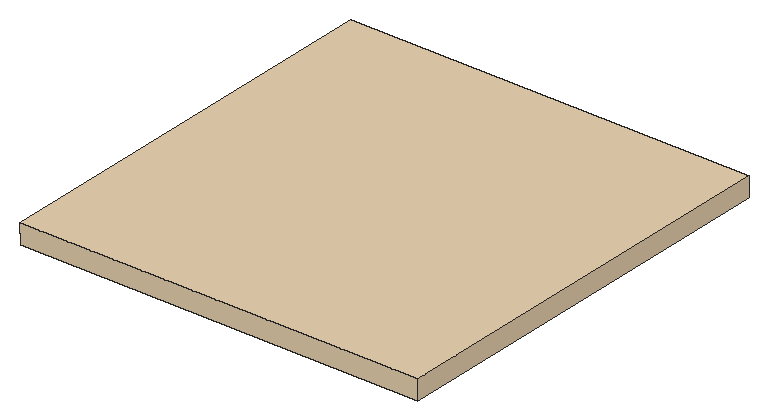
Revit family "Accessories-Teknion-RHACT_Countertop-R2018", category Furniture, Revit 2018
Family settings
  OmniClass Number = 23.40.20.00
  OmniClass Title = General Furniture and Specialties
  Work Plane-Based = No
  Always vertical = Yes
  Cut with Voids When Loaded = No
  Shared = Yes
  Room Calculation Point = No
Parameters (values of type "Standard Option, 35" Datum Height")
  Width [instance] = 24.000"
  Water Resistant = no
  Warranty = "http://www.teknion.com/ca/papers/legal-canada"
  Unit Weight URL = "http://www.teknion.com/ca/tools/assets#&asset=bee6a381-b954-425e-8283-5a2de3a804f2,f828d448-4b62-4231-9e5f-9a8991c0ed77"
  URL = "www.teknion.com"
  To render please download texture images found here = "https://assets.teknion.com/web/5e81352c1dfdb467/revit-material-swatches/"
  Sustainability Data = "https://www.teknion.com/ca/tools/assets#&topic=216f99a5-57a0-44fc-b10a-9dee9b29ae4c&asset=444deb64-fe58-4b68-981e-f75e97781df7,b4ff2d81-9f2e-437d-9659-7cffb09c31cf"
  Series = "Modular Cabinets"  # constant formula
  Product Page URL = "https://www.teknion.com/ca/products/product-details?productLineId=217e336e-8e7a-673b-a6c8-ff00004460c4"
  Product Line = "Modular Cabinets"  # constant formula
  Product Documentation Link = "https://www.teknion.com/pricing/modular-cabinets/pdfs/RHACT_ppg.pdf"
  Part Number = "RHACT"  # constant formula
  Model = "RHACTS_____"
  Manufacturer Phone = "416-661-3370"  # constant formula
  Manufacturer Fax = "416.661.4586"  # constant formula
  Manufacturer Contact Information = "http://www.teknion.com/ca/contactus"
  Manufacturer Address = "1150 Flint Road, Toronto, ON. M3J 2J5. Canada"  # constant formula
  Manufacturer = "Teknion"  # constant formula
  How To Use Teknion Materials User Guide = "https://assets.teknion.com/m/205dd0a49fa58060/original/How-to-add-a-Material-Library-and-Texture-Images-to-your-Revit-project.pdf"
  Height = 35.000"
  For Additional Finishes please visit = "https://assets.teknion.com/m/44a8009b046e5d47/original/Teknion_Materials_Library.zip"
  Description = "Countertop, Standard Option"
  Depth [instance] = 25.000"
  Counter Material Note = if(Water Resistant, "Select a Foundation Laminate material for Counter Finish", "Select a Foundation Laminate or Flintwood material for Counter Finish")  # "Select a Foundation Laminate or Flintwood material for Counter Finish"
  Counter Finish = Foundation Laminate - Teknion - HX - Costal Elm
  Available Widths [instance] = "12\" to 108\" in 1\" Increments"  # constant formula
  Available Depths [instance] = "25\" or 30\""  # constant formula
  Assembly Code = "E2020200"
Types (5): name | Water Resistant | Model | Height | Description | Depth | Counter Material Note
  (no name) | no | "RHACTS_____" | 35.000" | "Countertop, Standard Option" | 25.000" | "Select a Foundation Laminate or Flintwood material for Counter Finish"
  Standard Option, 35" Datum Height | no | "RHACTS_____" | 35.000" | "Countertop, Standard Option" | 25.000" | "Select a Foundation Laminate or Flintwood material for Counter Finish"
  Water Resistant Option, 35" Datum height | yes | "RHACTW_____" | 35.000" | "Countertop, Water Resistant Option" | 30.000" | "Select a Foundation Laminate material for Counter Finish"
  Standard Option, 33" Datum Height | no | "RHACTS_____" | 33.000" | "Countertop, Standard Option" | 25.000" | "Select a Foundation Laminate or Flintwood material for Counter Finish"
  Water Resistant Option, 33" Datum Height | yes | "RHACTW_____" | 33.000" | "Countertop, Water Resistant Option" | 25.000" | "Select a Foundation Laminate material for Counter Finish"
Reference planes (in)
  plane 1 "Center Front/Back": y = 2.5
  plane 2: z = 0
  plane 3 "Center Left/Right": x = 0
  plane 4 "Left": x = -12
  plane 5 "Right": x = 12
  plane 6 "Back": y = 15
  plane 7 "Front": y = -10
  plane 8 "Top": z = 35
Forms (in)
  Sweep 1, solid, material "Foundation Laminate - Teknion - HX - Costal Elm" <- "Counter Finish"
    path origin (0, 2.5, 0) x (1, 0, 0) y (0, 0, 1)
      loop
        line (0, 35) -> (0, 36.18898)
    profile origin (0, 2.5, 35.59449) x (-1, 0, 0) y (0, -1, 0)
      loop
        line (-12, -12.5) -> (12, -12.5) -> (12, 12.5) -> (-12, 12.5) -> (-12, -12.5)
Lines and regions (in)
  Masking region 1
    outline origin (0, 0, 0) x (1, 0, 0) y (0, 1, 0)
      loop
        line (-12, 15) -> (-12, -10) -> (12, -10) -> (12, 15) -> (-12, 15)
  reference lines
    curve 1: line (-12, 15, 0) -> (12, 15, 0)
    curve 2: line (-12, 15, 0) -> (-12, -10, 0)
    curve 3: line (-12, -10, 0) -> (12, -10, 0)
    curve 4: line (12, 15.24023, 0) -> (12, -10, 0)
Dimensions and locks (in)
  "Width": plane 4 "Left" to plane 5 "Right"
  "Depth": plane 6 "Back" to plane 7 "Front"
  "Height": plane 8 "Top" to level
  equal spacing: plane 4 "Left", plane 3 "Center Left/Right", plane 5 "Right"
  equal spacing: plane 6 "Back", plane 1 "Center Front/Back", plane 7 "Front"
  Sweep 1 sketch curve to plane 8 "Top" to Sweep 1 sketch curve = 1.18898" locked, 0.000" locked
  aligned and locked: level to plane 2
  aligned and locked: curve 1 to plane 6 "Back"
  aligned and locked: curve 2 to plane 4 "Left"
  aligned and locked: plane 7 "Front" to curve 3
  aligned and locked: curve 4 to plane 5 "Right"
  aligned and locked: plane 3 "Center Left/Right" to Sweep 1 sketch curve
  aligned and locked: plane 5 "Right" to Sweep 1 sketch curve
  aligned and locked: Sweep 1 sketch curve to plane 6 "Back"
  aligned and locked: plane 7 "Front" to Sweep 1 sketch curve
  aligned and locked: Sweep 1 sketch curve to plane 4 "Left"
  aligned and locked: Masking region 1 sketch curve to plane 6 "Back"
  aligned and locked: Masking region 1 sketch curve to plane 4 "Left"
  aligned and locked: plane 7 "Front" to Masking region 1 sketch curve
  aligned and locked: plane 5 "Right" to Masking region 1 sketch curve
Automatic sketch dimensions
  plane 6 "Back" to curve 4 = 0.24023"
